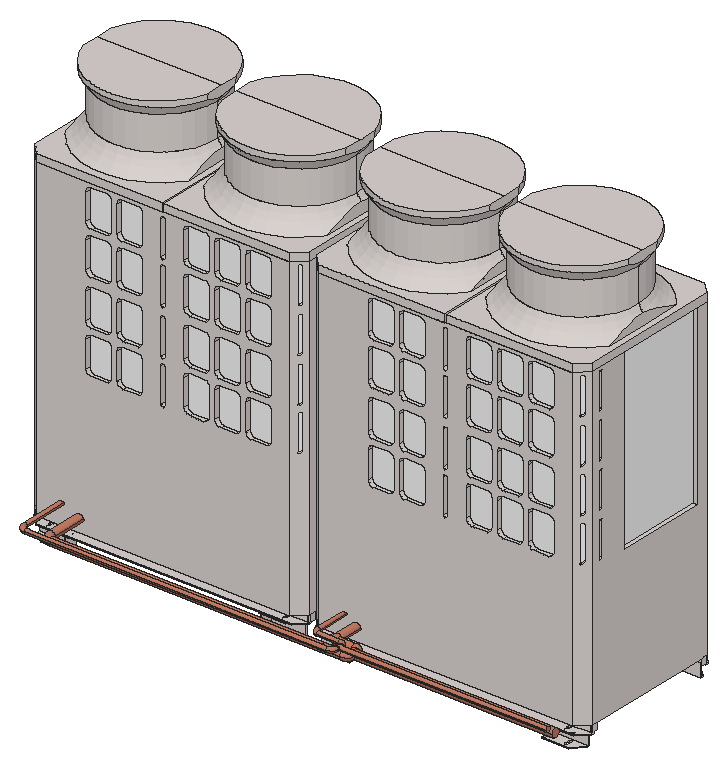
Revit family "PUHY-P700YSNW-A1", category Mechanical Equipment, Revit 2016
Family settings
  Part Type = Normal
  Round Connector Dimension = Use Radius
  OmniClass Number = 23.75.00.00
  OmniClass Title = Climate Control (HVAC)
  Work Plane-Based = No
  Always vertical = Yes
  Cut with Voids When Loaded = No
  Shared = No
  Room Calculation Point = No
Parameters (values of type "PUHY-P700YSNW-A1_415V_60Hz")
  Model = "PUHY-P700YSNW-A1"
  Width = 2510.000 mm
  WarrantyStart = ""
  Voltage = 415 V
  Unit Weight (kg) = 554
  URL = "http://www.mitsubishielectric.com/"
  Temp. range of heating (Outdoor temp.) (W.B.) = "-20.0 to 15.5"
  Temp. range of heating (Indoor temp.) (D.B.) = "15.0 to 27.0"
  Temp. range of cooling (Outdoor temp.) (D.B.) = "-5.0 to 52.0"
  Temp. range of cooling (Indoor temp.) (W.B.) = "15.0 to 24.0"
  TagNumber = 0
  Subcategory = "HVAC"
  Space View = yes
  Sound Pressure Level (dB(A)) Heating mode = 67
  Sound Pressure Level (dB(A)) Cooling mode = 65
  SerialNumber = 0
  ReplacementYear = ""
  Refrigerant type = "R410A"
  Refrigerant Charge (kg) = 19.6
  Protection Devices_Inverter circuit (COMP./FAN) = "Over-current protection"
  Protection Devices_High pressure (MPa) = "High pressure sensor, High pressure switch at 4.15"
  Phase = 3
  Manufacturer = "Mitsubishi Electric Corporation"
  Outdoor unit 2 Breaker size (A) = 40
  Outdoor unit 2 = PUHY-P350YNW-A1 : PUHY-P350YNW-A1
  Outdoor unit 1 Breaker size (A) = 40
  Outdoor unit 1 = PUHY-P350YNW-A1 : PUHY-P350YNW-A1
  Note_1 = "Refrigerant pipe diameters may change depending on the installation condition. Please refer to the installation manual."
  Maximum Circuit Ampacity (A) = 52.8
  Liquid pipe_radius = 9.525 mm
  InstallationDate = ""
  Indoor Unit Total Capacity = "50 to 130% of outdoor unit capacity"
  Indoor Unit Model/Quantity = "P10 to P250/2 to 50"
  Hertz = 60 Hz
  Height = 1858.000 mm
  Heating SCOP (kW/kW) = 4.1
  Heating Rated Load Ampacity (A) = 32.3
  Heating Power Input (kW) = 20.95
  Heating Power Input (Nominal) (kW) = 17.85
  Heating Current Input (Nominal) (A) = 27.5
  Heating Current Input (A) = 32.3
  Heating Capacity (kW) = 88
  Heating Capacity (Nominal) (kW) = 80
  Heating COP (kW/kW) = 4.2
  Heating COP (Nominal) (kW/kW) = 4.48
  Gas pipe_radius = 17.465 mm
  Fan_Type = "Propeller Fan"
  Fan_Quantity = 4
  Fan Motor Output (kW) = 1.84
  External static pressure (Pa) = 0
  External Finish = "Pre-coated galvanized steel sheets (+powder coating for -BS type) <MUNSELL 3Y 7.8/1.1 or similar>"
  Equip_description = ""
  Equip_No. = 0
  Equip_ID = ""
  Description = ""
  Depth = 740.000 mm
  CreatedOn = ""
  CreatedBy = ""
  Cooling SEER (kW/kW) = 6.63
  Cooling Rated Load Ampacity (A) = 34.9
  Cooling Power Input (kW) = 22.59
  Cooling EER (kW/kW) = 3.54
  Cooling Current Input (A) = 34.9
  Cooling Capacity (kW) = 80
  Compressor_Type = "Inverter scroll hermetic compressor"
  Compressor_Quantity = 2
  Compressor_Lubricant = "MEL32"
  Compressor Motor Output (kW) = 17.2
  Category = ""
  Barcode = ""
  AssetIdentifier = ""
  Airflow Rate (m3/min) = 540
  Airflow Rate (m3/h) = 32400
Reference planes
  plane 1 "Center (Front/Back)": y = 0
  plane 2: z = 0
  plane 3 "Center (Left/Right)": x = 0
  plane 4: y = 370
  plane 5 "front": y = -370
  plane 6: x = -1255
  plane 7: x = 1255
  plane 8: x = 15
  plane 9: x = -15
  plane 10: z = 1858
Forms (mm)
  Sweep 1, solid, material "Copper"
    path origin (1017.215, -4.248, 187) x (0, -1, 0) y (1, 0, 0)
      loop
        line (360, -2112.386) -> (570, -2112.386)
        arc (570, -2112.386) -> (591.213, -2103.6) -> (600, -2082.386) r 30
        line (600, -2082.386) -> (600, -725.507)
        arc (600, -725.507) -> (594.142, -711.365) -> (580, -705.507) r 20
        line (580, -705.507) -> (552.385, -705.507)
        arc (552.385, -705.507) -> (538.243, -711.365) -> (532.385, -725.507) r 20
        line (532.385, -725.507) -> (532.385, -821.501)
        arc (532.385, -821.501) -> (526.527, -835.643) -> (512.385, -841.501) r 20
        line (512.385, -841.501) -> (357.385, -841.501)
    profile origin (-1095.172, -469.248, 187) x (1, 0, 0) y (0, 0, 1)
      loop
        circle (0, 0) r 9.525
  Sweep 2, solid, material "Copper"
    path origin (1039.386, -4.248, 155) x (0, -1, 0) y (1, 0, 0)
      loop
        line (360, -2053) -> (525, -2053)
        arc (525, -2053) -> (546.213, -2044.213) -> (555, -2023) r 30
        line (555, -2023) -> (555, -800.253) -> (555, -715.253)
        arc (555, -715.253) -> (549.142, -701.111) -> (535, -695.253) r 20
        line (535, -695.253) -> (510, -695.253)
        arc (510, -695.253) -> (495.858, -701.111) -> (490, -715.253) r 20
        line (490, -715.253) -> (490, -786.253)
        arc (490, -786.253) -> (484.142, -800.395) -> (470, -806.253) r 20
        line (470, -806.253) -> (360, -806.253)
    profile origin (-1013.614, -446.748, 155) x (1, 0, 0) y (0, 0, 1)
      loop
        circle (0, 0) r 17.465
  Sweep 3, solid, material "Copper"
    path origin (934.386, -4.248, 187) x (0, -1, 0) y (1, 0, 0)
      loop
        line (565.96, -620) -> (565.96, 320.614)
    profile origin (784.693, -570.208, 187) x (0, 1, 0) y (0, 0, 1)
      loop
        circle (0, 0) r 9.525
  Sweep 4, solid, material "Copper"
    path origin (934.386, -4.248, 155.027) x (-1, 0, 0) y (0, -1, 0)
      loop
        line (585, 523.84) -> (-320, 523.84)
    profile origin (801.886, -528.088, 155.027) x (0, 1, 0) y (0, 0, 1)
      loop
        circle (0, 0) r 17.465
Dimensions and locks
  nested 1 to nested 1 = 1240.000 mm
  nested 1 to nested 2 to nested 2 = 30.000 mm, 1240.000 mm
  "Liquid pipe_radius": radius of Sweep 3 sketch curve
  "Gas pipe_radius": radius of Sweep 4 sketch curve
  aligned and locked: level to plane 2
Automatic sketch dimensions
  Sweep 1 sketch curve to plane 5 "front" = 8.366 mm
  Sweep 1 sketch curve to plane 5 "front" = 5.752 mm
  plane 5 "front" to Sweep 1 sketch curve = 146.634 mm
  Sweep 1 sketch curve to Sweep 1 sketch curve = 20.000 mm  (x2)
  plane 5 "front" to Sweep 1 sketch curve = 204.248 mm
  Sweep 1 sketch curve to Sweep 1 sketch curve = 27.615 mm
  Sweep 1 sketch curve to Sweep 1 sketch curve = 30.000 mm
  plane 6 to Sweep 1 sketch curve = 159.828 mm
  plane 3 "Center (Left/Right)" to Sweep 1 sketch curve = 175.714 mm
  Sweep 1 sketch curve to Sweep 1 sketch curve = 95.994 mm
  profile plane to Sweep 1 sketch curve = 0.000 mm
  Sweep 1 sketch curve to profile plane = 0.000 mm
  Sweep 2 sketch curve to plane 5 "front" = 5.752 mm  (x2)
  plane 5 "front" to Sweep 2 sketch curve = 104.248 mm
  Sweep 2 sketch curve to Sweep 2 sketch curve = 20.000 mm  (x3)
  plane 5 "front" to Sweep 2 sketch curve = 159.248 mm
  Sweep 2 sketch curve to Sweep 2 sketch curve = 25.000 mm
  plane 6 to Sweep 2 sketch curve = 241.386 mm
  plane 3 "Center (Left/Right)" to Sweep 2 sketch curve = 239.134 mm
  Sweep 2 sketch curve to Sweep 2 sketch curve = 6.000 mm
  Sweep 2 sketch curve to Sweep 2 sketch curve = 71.000 mm
  profile plane to Sweep 2 sketch curve = 0.000 mm
  Sweep 2 sketch curve to profile plane = 0.000 mm
  Sweep 3 sketch curve to plane 7 = 0.000 mm
  plane 5 "front" to Sweep 3 sketch curve = 200.208 mm
  plane 8 to Sweep 3 sketch curve = 299.386 mm
  Sweep 4 sketch curve to plane 7 = 0.614 mm
  plane 5 "front" to Sweep 4 sketch curve = 158.088 mm
  plane 8 to Sweep 4 sketch curve = 334.386 mm
  Sweep 3 sketch curve to profile plane = 0.000 mm  (x2)
  Sweep 4 sketch curve to profile plane = 0.000 mm  (x2)
  radius of Sweep 1 sketch curve = 9.525 mm
  radius of Sweep 2 sketch curve = 17.465 mm
Nested families
  nested 1: "PUHY-P350YNW-A1" at (-635, 0, 0), type "PUHY-P350YNW-A1"
  nested 2: "PUHY-P350YNW-A1" at (635, 0, 0), type "PUHY-P350YNW-A1"
Connectors
  piping at (1254.386, -528.088, 155.027), diameter 34.93, driven by "Gas pipe_radius"
    settings: on Sweep 4, index 1, connector inside diameter 34.93 mm, connector length 0.000 mm, flow factor 0, pipe flow 0.0 L/s, pressure drop 0.0 Pa, fitting loss kfactor 0, connector angle 0.00°, fixture units 0, engagement length 0.000 mm, angle of deflection 0.00°, flow configuration 0, flow direction 0, fitting loss method 0, system type 22, joint type 0, gender type 0, connector reference index -1, connector utility 0, adjustable connector no, is connector primary yes, connector description "Indoor unit-Twinning pipe(Gas)"
  piping at (1255, -570.208, 187), diameter 19.05, driven by "Liquid pipe_radius"
    settings: on Sweep 3, index 2, connector inside diameter 19.05 mm, connector length 0.000 mm, flow factor 0, pipe flow 0.0 L/s, pressure drop 0.0 Pa, fitting loss kfactor 0, connector angle 0.00°, fixture units 0, engagement length 0.000 mm, angle of deflection 0.00°, flow configuration 0, flow direction 0, fitting loss method 0, system type 22, joint type 0, gender type 0, connector reference index -1, connector utility 0, adjustable connector no, is connector primary no, connector description "Indoor unit-Twinning pipe(Liquid)"
  electrical at (319, -370, 280), driven by "Phase", driven by "Voltage"
    settings: index 4, voltage 415 V, apparent load 0 VA, apparent load phase1 0 VA, apparent load phase2 0 VA, apparent load phase3 0 VA, power factor 1, load classification "HVAC", number of poles 3, system type 30, power factor state 1, is connector primary yes, connector utility no, sub classification motor no, connector description ""
  electrical at (-633, -370, 280), driven by "Phase", driven by "Voltage"
    settings: index 5, voltage 415 V, apparent load 0 VA, apparent load phase1 0 VA, apparent load phase2 0 VA, apparent load phase3 0 VA, power factor 1, load classification "HVAC", number of poles 3, system type 30, power factor state 1, is connector primary no, connector utility no, sub classification motor no, connector description ""
Definition of nested family "PUHY-P350YNW-A1"
  Parameters
    Model = "PUHY-P350YNW-A"
    URL = "http://www.mitsubishielectric.com/"
    Manufacturer = "Mitsubishi Electric Corporation"
    Liquid pipe_radius = 12.700 mm
    Gas pipe_radius = 14.290 mm
  Reference planes
    plane 1 "Center (Front/Back)": y = 0
    plane 2: z = 0
    plane 3 "Center (Left/Right)": x = 0
    plane 4: y = 370
    plane 5: z = 1858
    plane 6: y = -260
    plane 7: y = -204
    plane 8: y = -185
    plane 9: x = -620
    plane 10: x = 620
    plane 11: x = -620
    plane 12: z = 716
    plane 13: x = -524
    plane 14: z = 669
    plane 15: x = -50.5
    plane 16: x = 51
    plane 17: x = 489
    plane 18: x = 467
    plane 19 "132": x = 488
    plane 20 "100": z = 160
    plane 21: z = 185
    plane 22: x = 413
    plane 23: x = 364
    plane 24: z = 150
    plane 25: x = -287.25
    plane 26: x = -137.25
    plane 27: x = -272.25
    plane 28: y = -278
    plane 29: z = 1509
    plane 30: y = -370
    plane 31: x = -530
    plane 32: x = 530
    plane 33 "179": y = -191
  Forms (mm)
    Extrusion 1, solid
      sketch origin (-1, 0, 113) x (-1, 0, 0) y (0, -1, 0)
        loop
          line (569, -370) -> (619, -320) -> (619, 320) -> (569, 370) -> (-571, 370) -> (-621, 320) -> (-621, -320) -> (-571, -370) -> (569, -370)
      from -18 to 1408
    Extrusion 2, void
      sketch origin (524, -370, 113) x (1, 0, 0) y (0, 0, -1)
        loop
          arc (-60.8, -1393.5) -> (-42.557, -1385.943) -> (-35, -1367.7) r 25.8
          line (-35, -1367.7) -> (-35, -1248.5)
          arc (-35, -1248.5) -> (-42.557, -1230.257) -> (-60.8, -1222.7) r 25.8
          line (-60.8, -1222.7) -> (-126, -1222.7)
          arc (-126, -1222.7) -> (-144.243, -1230.257) -> (-151.8, -1248.5) r 25.8
          line (-151.8, -1248.5) -> (-151.8, -1367.7)
          arc (-151.8, -1367.7) -> (-144.243, -1385.943) -> (-126, -1393.5) r 25.8
          line (-126, -1393.5) -> (-60.8, -1393.5)
      from 0 to 20
    Extrusion 3, void
      sketch origin (524, -370, -81) x (1, 0, 0) y (0, 0, -1)
        loop
          arc (-60.8, -1393.5) -> (-42.557, -1385.943) -> (-35, -1367.7) r 25.8
          line (-35, -1367.7) -> (-35, -1248.5)
          arc (-35, -1248.5) -> (-42.557, -1230.257) -> (-60.8, -1222.7) r 25.8
          line (-60.8, -1222.7) -> (-126, -1222.7)
          arc (-126, -1222.7) -> (-144.243, -1230.257) -> (-151.8, -1248.5) r 25.8
          line (-151.8, -1248.5) -> (-151.8, -1367.7)
          arc (-151.8, -1367.7) -> (-144.243, -1385.943) -> (-126, -1393.5) r 25.8
          line (-126, -1393.5) -> (-60.8, -1393.5)
      from 0 to 20
    Extrusion 4, void
      sketch origin (524, -370, -287) x (1, 0, 0) y (0, 0, -1)
        loop
          arc (-60.8, -1393.5) -> (-42.557, -1385.943) -> (-35, -1367.7) r 25.8
          line (-35, -1367.7) -> (-35, -1248.5)
          arc (-35, -1248.5) -> (-42.557, -1230.257) -> (-60.8, -1222.7) r 25.8
          line (-60.8, -1222.7) -> (-126, -1222.7)
          arc (-126, -1222.7) -> (-144.243, -1230.257) -> (-151.8, -1248.5) r 25.8
          line (-151.8, -1248.5) -> (-151.8, -1367.7)
          arc (-151.8, -1367.7) -> (-144.243, -1385.943) -> (-126, -1393.5) r 25.8
          line (-126, -1393.5) -> (-60.8, -1393.5)
      from 0 to 20
    Extrusion 5, void
      sketch origin (524, -370, -481) x (1, 0, 0) y (0, 0, -1)
        loop
          arc (-60.8, -1393.5) -> (-42.557, -1385.943) -> (-35, -1367.7) r 25.8
          line (-35, -1367.7) -> (-35, -1248.5)
          arc (-35, -1248.5) -> (-42.557, -1230.257) -> (-60.8, -1222.7) r 25.8
          line (-60.8, -1222.7) -> (-126, -1222.7)
          arc (-126, -1222.7) -> (-144.243, -1230.257) -> (-151.8, -1248.5) r 25.8
          line (-151.8, -1248.5) -> (-151.8, -1367.7)
          arc (-151.8, -1367.7) -> (-144.243, -1385.943) -> (-126, -1393.5) r 25.8
          line (-126, -1393.5) -> (-60.8, -1393.5)
      from 0 to 20
    Extrusion 6, void
      sketch origin (384, -370, 113) x (1, 0, 0) y (0, 0, -1)
        loop
          arc (-60.8, -1393.5) -> (-42.557, -1385.943) -> (-35, -1367.7) r 25.8
          line (-35, -1367.7) -> (-35, -1248.5)
          arc (-35, -1248.5) -> (-42.557, -1230.257) -> (-60.8, -1222.7) r 25.8
          line (-60.8, -1222.7) -> (-126, -1222.7)
          arc (-126, -1222.7) -> (-144.243, -1230.257) -> (-151.8, -1248.5) r 25.8
          line (-151.8, -1248.5) -> (-151.8, -1367.7)
          arc (-151.8, -1367.7) -> (-144.243, -1385.943) -> (-126, -1393.5) r 25.8
          line (-126, -1393.5) -> (-60.8, -1393.5)
      from 0 to 20
    Extrusion 7, void
      sketch origin (384, -370, -81) x (1, 0, 0) y (0, 0, -1)
        loop
          arc (-60.8, -1393.5) -> (-42.557, -1385.943) -> (-35, -1367.7) r 25.8
          line (-35, -1367.7) -> (-35, -1248.5)
          arc (-35, -1248.5) -> (-42.557, -1230.257) -> (-60.8, -1222.7) r 25.8
          line (-60.8, -1222.7) -> (-126, -1222.7)
          arc (-126, -1222.7) -> (-144.243, -1230.257) -> (-151.8, -1248.5) r 25.8
          line (-151.8, -1248.5) -> (-151.8, -1367.7)
          arc (-151.8, -1367.7) -> (-144.243, -1385.943) -> (-126, -1393.5) r 25.8
          line (-126, -1393.5) -> (-60.8, -1393.5)
      from 0 to 20
    Extrusion 8, void
      sketch origin (384, -370, -287) x (1, 0, 0) y (0, 0, -1)
        loop
          arc (-60.8, -1393.5) -> (-42.557, -1385.943) -> (-35, -1367.7) r 25.8
          line (-35, -1367.7) -> (-35, -1248.5)
          arc (-35, -1248.5) -> (-42.557, -1230.257) -> (-60.8, -1222.7) r 25.8
          line (-60.8, -1222.7) -> (-126, -1222.7)
          arc (-126, -1222.7) -> (-144.243, -1230.257) -> (-151.8, -1248.5) r 25.8
          line (-151.8, -1248.5) -> (-151.8, -1367.7)
          arc (-151.8, -1367.7) -> (-144.243, -1385.943) -> (-126, -1393.5) r 25.8
          line (-126, -1393.5) -> (-60.8, -1393.5)
      from 0 to 20
    Extrusion 9, void
      sketch origin (384, -370, -481) x (1, 0, 0) y (0, 0, -1)
        loop
          arc (-60.8, -1393.5) -> (-42.557, -1385.943) -> (-35, -1367.7) r 25.8
          line (-35, -1367.7) -> (-35, -1248.5)
          arc (-35, -1248.5) -> (-42.557, -1230.257) -> (-60.8, -1222.7) r 25.8
          line (-60.8, -1222.7) -> (-126, -1222.7)
          arc (-126, -1222.7) -> (-144.243, -1230.257) -> (-151.8, -1248.5) r 25.8
          line (-151.8, -1248.5) -> (-151.8, -1367.7)
          arc (-151.8, -1367.7) -> (-144.243, -1385.943) -> (-126, -1393.5) r 25.8
          line (-126, -1393.5) -> (-60.8, -1393.5)
      from 0 to 20
    Extrusion 10, void
      sketch origin (244, -370, 113) x (1, 0, 0) y (0, 0, -1)
        loop
          arc (-60.8, -1393.5) -> (-42.557, -1385.943) -> (-35, -1367.7) r 25.8
          line (-35, -1367.7) -> (-35, -1248.5)
          arc (-35, -1248.5) -> (-42.557, -1230.257) -> (-60.8, -1222.7) r 25.8
          line (-60.8, -1222.7) -> (-126, -1222.7)
          arc (-126, -1222.7) -> (-144.243, -1230.257) -> (-151.8, -1248.5) r 25.8
          line (-151.8, -1248.5) -> (-151.8, -1367.7)
          arc (-151.8, -1367.7) -> (-144.243, -1385.943) -> (-126, -1393.5) r 25.8
          line (-126, -1393.5) -> (-60.8, -1393.5)
      from 0 to 20
    Extrusion 11, void
      sketch origin (244, -370, -81) x (1, 0, 0) y (0, 0, -1)
        loop
          arc (-60.8, -1393.5) -> (-42.557, -1385.943) -> (-35, -1367.7) r 25.8
          line (-35, -1367.7) -> (-35, -1248.5)
          arc (-35, -1248.5) -> (-42.557, -1230.257) -> (-60.8, -1222.7) r 25.8
          line (-60.8, -1222.7) -> (-126, -1222.7)
          arc (-126, -1222.7) -> (-144.243, -1230.257) -> (-151.8, -1248.5) r 25.8
          line (-151.8, -1248.5) -> (-151.8, -1367.7)
          arc (-151.8, -1367.7) -> (-144.243, -1385.943) -> (-126, -1393.5) r 25.8
          line (-126, -1393.5) -> (-60.8, -1393.5)
      from 0 to 20
    Extrusion 12, void
      sketch origin (244, -370, -287) x (1, 0, 0) y (0, 0, -1)
        loop
          arc (-60.8, -1393.5) -> (-42.557, -1385.943) -> (-35, -1367.7) r 25.8
          line (-35, -1367.7) -> (-35, -1248.5)
          arc (-35, -1248.5) -> (-42.557, -1230.257) -> (-60.8, -1222.7) r 25.8
          line (-60.8, -1222.7) -> (-126, -1222.7)
          arc (-126, -1222.7) -> (-144.243, -1230.257) -> (-151.8, -1248.5) r 25.8
          line (-151.8, -1248.5) -> (-151.8, -1367.7)
          arc (-151.8, -1367.7) -> (-144.243, -1385.943) -> (-126, -1393.5) r 25.8
          line (-126, -1393.5) -> (-60.8, -1393.5)
      from 0 to 20
    Extrusion 13, void
      sketch origin (244, -370, -481) x (1, 0, 0) y (0, 0, -1)
        loop
          arc (-60.8, -1393.5) -> (-42.557, -1385.943) -> (-35, -1367.7) r 25.8
          line (-35, -1367.7) -> (-35, -1248.5)
          arc (-35, -1248.5) -> (-42.557, -1230.257) -> (-60.8, -1222.7) r 25.8
          line (-60.8, -1222.7) -> (-126, -1222.7)
          arc (-126, -1222.7) -> (-144.243, -1230.257) -> (-151.8, -1248.5) r 25.8
          line (-151.8, -1248.5) -> (-151.8, -1367.7)
          arc (-151.8, -1367.7) -> (-144.243, -1385.943) -> (-126, -1393.5) r 25.8
          line (-126, -1393.5) -> (-60.8, -1393.5)
      from 0 to 20
    Extrusion 14, void
      sketch origin (-56, -370, 113) x (1, 0, 0) y (0, 0, -1)
        loop
          arc (-60.8, -1393.5) -> (-42.557, -1385.943) -> (-35, -1367.7) r 25.8
          line (-35, -1367.7) -> (-35, -1248.5)
          arc (-35, -1248.5) -> (-42.557, -1230.257) -> (-60.8, -1222.7) r 25.8
          line (-60.8, -1222.7) -> (-126, -1222.7)
          arc (-126, -1222.7) -> (-144.243, -1230.257) -> (-151.8, -1248.5) r 25.8
          line (-151.8, -1248.5) -> (-151.8, -1367.7)
          arc (-151.8, -1367.7) -> (-144.243, -1385.943) -> (-126, -1393.5) r 25.8
          line (-126, -1393.5) -> (-60.8, -1393.5)
      from 0 to 20
    Extrusion 15, void
      sketch origin (-56, -370, -81) x (1, 0, 0) y (0, 0, -1)
        loop
          arc (-60.8, -1393.5) -> (-42.557, -1385.943) -> (-35, -1367.7) r 25.8
          line (-35, -1367.7) -> (-35, -1248.5)
          arc (-35, -1248.5) -> (-42.557, -1230.257) -> (-60.8, -1222.7) r 25.8
          line (-60.8, -1222.7) -> (-126, -1222.7)
          arc (-126, -1222.7) -> (-144.243, -1230.257) -> (-151.8, -1248.5) r 25.8
          line (-151.8, -1248.5) -> (-151.8, -1367.7)
          arc (-151.8, -1367.7) -> (-144.243, -1385.943) -> (-126, -1393.5) r 25.8
          line (-126, -1393.5) -> (-60.8, -1393.5)
      from 0 to 20
    Extrusion 16, void
      sketch origin (-56, -370, -287) x (1, 0, 0) y (0, 0, -1)
        loop
          arc (-60.8, -1393.5) -> (-42.557, -1385.943) -> (-35, -1367.7) r 25.8
          line (-35, -1367.7) -> (-35, -1248.5)
          arc (-35, -1248.5) -> (-42.557, -1230.257) -> (-60.8, -1222.7) r 25.8
          line (-60.8, -1222.7) -> (-126, -1222.7)
          arc (-126, -1222.7) -> (-144.243, -1230.257) -> (-151.8, -1248.5) r 25.8
          line (-151.8, -1248.5) -> (-151.8, -1367.7)
          arc (-151.8, -1367.7) -> (-144.243, -1385.943) -> (-126, -1393.5) r 25.8
          line (-126, -1393.5) -> (-60.8, -1393.5)
      from 0 to 20
    Extrusion 17, void
      sketch origin (-56, -370, -481) x (1, 0, 0) y (0, 0, -1)
        loop
          arc (-60.8, -1393.5) -> (-42.557, -1385.943) -> (-35, -1367.7) r 25.8
          line (-35, -1367.7) -> (-35, -1248.5)
          arc (-35, -1248.5) -> (-42.557, -1230.257) -> (-60.8, -1222.7) r 25.8
          line (-60.8, -1222.7) -> (-126, -1222.7)
          arc (-126, -1222.7) -> (-144.243, -1230.257) -> (-151.8, -1248.5) r 25.8
          line (-151.8, -1248.5) -> (-151.8, -1367.7)
          arc (-151.8, -1367.7) -> (-144.243, -1385.943) -> (-126, -1393.5) r 25.8
          line (-126, -1393.5) -> (-60.8, -1393.5)
      from 0 to 20
    Extrusion 18, void
      sketch origin (-196, -370, 113) x (1, 0, 0) y (0, 0, -1)
        loop
          arc (-60.8, -1393.5) -> (-42.557, -1385.943) -> (-35, -1367.7) r 25.8
          line (-35, -1367.7) -> (-35, -1248.5)
          arc (-35, -1248.5) -> (-42.557, -1230.257) -> (-60.8, -1222.7) r 25.8
          line (-60.8, -1222.7) -> (-126, -1222.7)
          arc (-126, -1222.7) -> (-144.243, -1230.257) -> (-151.8, -1248.5) r 25.8
          line (-151.8, -1248.5) -> (-151.8, -1367.7)
          arc (-151.8, -1367.7) -> (-144.243, -1385.943) -> (-126, -1393.5) r 25.8
          line (-126, -1393.5) -> (-60.8, -1393.5)
      from 0 to 20
    Extrusion 19, void
      sketch origin (-196, -370, -81) x (1, 0, 0) y (0, 0, -1)
        loop
          arc (-60.8, -1393.5) -> (-42.557, -1385.943) -> (-35, -1367.7) r 25.8
          line (-35, -1367.7) -> (-35, -1248.5)
          arc (-35, -1248.5) -> (-42.557, -1230.257) -> (-60.8, -1222.7) r 25.8
          line (-60.8, -1222.7) -> (-126, -1222.7)
          arc (-126, -1222.7) -> (-144.243, -1230.257) -> (-151.8, -1248.5) r 25.8
          line (-151.8, -1248.5) -> (-151.8, -1367.7)
          arc (-151.8, -1367.7) -> (-144.243, -1385.943) -> (-126, -1393.5) r 25.8
          line (-126, -1393.5) -> (-60.8, -1393.5)
      from 0 to 20
    Extrusion 20, void
      sketch origin (-196, -370, -287) x (1, 0, 0) y (0, 0, -1)
        loop
          arc (-60.8, -1393.5) -> (-42.557, -1385.943) -> (-35, -1367.7) r 25.8
          line (-35, -1367.7) -> (-35, -1248.5)
          arc (-35, -1248.5) -> (-42.557, -1230.257) -> (-60.8, -1222.7) r 25.8
          line (-60.8, -1222.7) -> (-126, -1222.7)
          arc (-126, -1222.7) -> (-144.243, -1230.257) -> (-151.8, -1248.5) r 25.8
          line (-151.8, -1248.5) -> (-151.8, -1367.7)
          arc (-151.8, -1367.7) -> (-144.243, -1385.943) -> (-126, -1393.5) r 25.8
          line (-126, -1393.5) -> (-60.8, -1393.5)
      from 0 to 20
    Extrusion 21, void
      sketch origin (-196, -370, -481) x (1, 0, 0) y (0, 0, -1)
        loop
          arc (-60.8, -1393.5) -> (-42.557, -1385.943) -> (-35, -1367.7) r 25.8
          line (-35, -1367.7) -> (-35, -1248.5)
          arc (-35, -1248.5) -> (-42.557, -1230.257) -> (-60.8, -1222.7) r 25.8
          line (-60.8, -1222.7) -> (-126, -1222.7)
          arc (-126, -1222.7) -> (-144.243, -1230.257) -> (-151.8, -1248.5) r 25.8
          line (-151.8, -1248.5) -> (-151.8, -1367.7)
          arc (-151.8, -1367.7) -> (-144.243, -1385.943) -> (-126, -1393.5) r 25.8
          line (-126, -1393.5) -> (-60.8, -1393.5)
      from 0 to 20
    Extrusion 22, void
      sketch origin (620, 320, 113) x (0, 1, 0) y (0, 0, -1)
        loop
          line (-462.3, -1408) -> (-50.8, -1408) -> (-50.8, -612) -> (-462.3, -612) -> (-462.3, -1408)
      from 0 to 20
    Extrusion 23, void
      sketch origin (-620, -320, 113) x (0, -1, 0) y (0, 0, -1)
        loop
          line (-535.7, -1408) -> (-207.7, -1408) -> (-207.7, -592) -> (-535.7, -592) -> (-535.7, -1408)
      from 0 to 20
    Extrusion 24, void
      sketch origin (194.892, 370, 113) x (-1, 0, 0) y (0, 0, -1)
        loop
          arc (204.892, -1225.013) -> (194.892, -1215.013) -> (184.892, -1225.013) r 10
          line (184.892, -1225.013) -> (184.892, -1379.987)
          arc (184.892, -1379.987) -> (194.892, -1389.987) -> (204.892, -1379.987) r 10
          line (204.892, -1379.987) -> (204.892, -1225.013)
        loop
          arc (204.892, -1031.013) -> (194.892, -1021.013) -> (184.892, -1031.013) r 10
          line (184.892, -1031.013) -> (184.892, -1185.987)
          arc (184.892, -1185.987) -> (194.892, -1195.987) -> (204.892, -1185.987) r 10
          line (204.892, -1185.987) -> (204.892, -1031.013)
        loop
          arc (204.892, -825.013) -> (194.892, -815.013) -> (184.892, -825.013) r 10
          line (184.892, -825.013) -> (184.892, -979.987)
          arc (184.892, -979.987) -> (194.892, -989.987) -> (204.892, -979.987) r 10
          line (204.892, -979.987) -> (204.892, -825.013)
        loop
          arc (204.892, -631.013) -> (194.892, -621.013) -> (184.892, -631.013) r 10
          line (184.892, -631.013) -> (184.892, -785.987)
          arc (184.892, -785.987) -> (194.892, -795.987) -> (204.892, -785.987) r 10
          line (204.892, -785.987) -> (204.892, -631.013)
      from 0 to 20
    Extrusion 25, void
      sketch origin (-570, 370, 113) x (0.707107, 0.707107, 0) y (0, 0, 1)
        loop
          arc (-45.355, 1236) -> (-35.355, 1226) -> (-25.355, 1236) r 10
          line (-25.355, 1236) -> (-25.355, 1386)
          arc (-25.355, 1386) -> (-35.355, 1396) -> (-45.355, 1386) r 10
          line (-45.355, 1386) -> (-45.355, 1236)
        loop
          arc (-45.355, 1036) -> (-35.355, 1026) -> (-25.355, 1036) r 10
          line (-25.355, 1036) -> (-25.355, 1186)
          arc (-25.355, 1186) -> (-35.355, 1196) -> (-45.355, 1186) r 10
          line (-45.355, 1186) -> (-45.355, 1036)
        loop
          arc (-45.355, 836) -> (-35.355, 826) -> (-25.355, 836) r 10
          line (-25.355, 836) -> (-25.355, 986)
          arc (-25.355, 986) -> (-35.355, 996) -> (-45.355, 986) r 10
          line (-45.355, 986) -> (-45.355, 836)
        loop
          arc (-45.355, 641) -> (-35.355, 631) -> (-25.355, 641) r 10
          line (-25.355, 641) -> (-25.355, 791)
          arc (-25.355, 791) -> (-35.355, 801) -> (-45.355, 791) r 10
          line (-45.355, 791) -> (-45.355, 641)
      from 0 to 20
    Extrusion 26, void
      sketch origin (-620, -320, 113) x (0, -1, 0) y (0, 0, -1)
        loop
          line (-607.846, -1035.895) -> (-607.846, -1186.105)
          arc (-607.846, -1186.105) -> (-597.846, -1196.105) -> (-587.846, -1186.105) r 10
          line (-587.846, -1186.105) -> (-587.846, -1035.895)
          arc (-587.846, -1035.895) -> (-597.846, -1025.895) -> (-607.846, -1035.895) r 10
        loop
          line (-607.846, -835.895) -> (-607.846, -986.105)
          arc (-607.846, -986.105) -> (-597.846, -996.105) -> (-587.846, -986.105) r 10
          line (-587.846, -986.105) -> (-587.846, -835.895)
          arc (-587.846, -835.895) -> (-597.846, -825.895) -> (-607.846, -835.895) r 10
        loop
          line (-607.846, -1235.895) -> (-607.846, -1386.105)
          arc (-607.846, -1386.105) -> (-597.846, -1396.105) -> (-587.846, -1386.105) r 10
          line (-587.846, -1386.105) -> (-587.846, -1235.895)
          arc (-587.846, -1235.895) -> (-597.846, -1225.895) -> (-607.846, -1235.895) r 10
        loop
          line (-607.846, -635.895) -> (-607.846, -786.105)
          arc (-607.846, -786.105) -> (-597.846, -796.105) -> (-587.846, -786.105) r 10
          line (-587.846, -786.105) -> (-587.846, -635.895)
          arc (-587.846, -635.895) -> (-597.846, -625.895) -> (-607.846, -635.895) r 10
      from 0 to 20
    Extrusion 27, void
      sketch origin (1079, -370, 113) x (1, 0, 0) y (0, 0, -1)
        loop
          arc (-1089, -1379.975) -> (-1079, -1389.975) -> (-1069, -1379.975) r 10
          line (-1069, -1379.975) -> (-1069, -1225)
          arc (-1069, -1225) -> (-1079, -1215) -> (-1089, -1225) r 10
          line (-1089, -1225) -> (-1089, -1379.975)
        loop
          arc (-1089, -1185.975) -> (-1079, -1195.975) -> (-1069, -1185.975) r 10
          line (-1069, -1185.975) -> (-1069, -1031)
          arc (-1069, -1031) -> (-1079, -1021) -> (-1089, -1031) r 10
          line (-1089, -1031) -> (-1089, -1185.975)
        loop
          arc (-1089, -979.975) -> (-1079, -989.975) -> (-1069, -979.975) r 10
          line (-1069, -979.975) -> (-1069, -825)
          arc (-1069, -825) -> (-1079, -815) -> (-1089, -825) r 10
          line (-1089, -825) -> (-1089, -979.975)
        loop
          arc (-1089, -785.975) -> (-1079, -795.975) -> (-1069, -785.975) r 10
          line (-1069, -785.975) -> (-1069, -631)
          arc (-1069, -631) -> (-1079, -621) -> (-1089, -631) r 10
          line (-1089, -631) -> (-1089, -785.975)
      from 0 to 20
    Extrusion 28, void
      sketch origin (-571, 370, 113) x (-1, 0, 0) y (0, 0, -1)
        loop
          line (-519.5, -1408) -> (-48, -1408) -> (-48, -556) -> (-519.5, -556) -> (-519.5, -1408)
      from 0 to 20
    Extrusion 29, void
      sketch origin (-571, 370, 113) x (-1, 0, 0) y (0, 0, -1)
        loop
          line (-1038, -1408) -> (-622, -1408) -> (-622, -556) -> (-1038, -556) -> (-1038, -1408)
      from 0 to 20
    Extrusion 30, void
      sketch origin (620, 320, 113) x (0, 1, 0) y (0, 0, -1)
        loop
          arc (-588, -1035.791) -> (-598, -1025.791) -> (-608, -1035.791) r 10
          line (-608, -1035.791) -> (-608, -1186)
          arc (-608, -1186) -> (-598, -1196) -> (-588, -1186) r 10
          line (-588, -1186) -> (-588, -1035.791)
        loop
          arc (-588, -835.791) -> (-598, -825.791) -> (-608, -835.791) r 10
          line (-608, -835.791) -> (-608, -986)
          arc (-608, -986) -> (-598, -996) -> (-588, -986) r 10
          line (-588, -986) -> (-588, -835.791)
        loop
          arc (-588, -1235.791) -> (-598, -1225.791) -> (-608, -1235.791) r 10
          line (-608, -1235.791) -> (-608, -1386)
          arc (-608, -1386) -> (-598, -1396) -> (-588, -1386) r 10
          line (-588, -1386) -> (-588, -1235.791)
        loop
          arc (-588, -635.791) -> (-598, -625.791) -> (-608, -635.791) r 10
          line (-608, -635.791) -> (-608, -786)
          arc (-608, -786) -> (-598, -796) -> (-588, -786) r 10
          line (-588, -786) -> (-588, -635.791)
      from 0 to 20
    Extrusion 31, void
      sketch origin (1291.751, 351.751, 113) x (0.707107, 0.707107, 0) y (0, 0, -1)
        loop
          line (-995.311, -1236) -> (-995.311, -1386)
          arc (-995.311, -1386) -> (-985.311, -1396) -> (-975.311, -1386) r 10
          line (-975.311, -1386) -> (-975.311, -1236)
          arc (-975.311, -1236) -> (-985.311, -1226) -> (-995.311, -1236) r 10
        loop
          line (-995.311, -1036) -> (-995.311, -1186)
          arc (-995.311, -1186) -> (-985.311, -1196) -> (-975.311, -1186) r 10
          line (-975.311, -1186) -> (-975.311, -1036)
          arc (-975.311, -1036) -> (-985.311, -1026) -> (-995.311, -1036) r 10
        loop
          line (-995.311, -836) -> (-995.311, -986)
          arc (-995.311, -986) -> (-985.311, -996) -> (-975.311, -986) r 10
          line (-975.311, -986) -> (-975.311, -836)
          arc (-975.311, -836) -> (-985.311, -826) -> (-995.311, -836) r 10
        loop
          line (-995.311, -641) -> (-995.311, -791)
          arc (-995.311, -791) -> (-985.311, -801) -> (-975.311, -791) r 10
          line (-975.311, -791) -> (-975.311, -641)
          arc (-975.311, -641) -> (-985.311, -631) -> (-995.311, -641) r 10
      from 0 to 20
    Extrusion 32, void
      sketch origin (0, -191, 0) x (-1, 0, 0) y (0, 0, 1)
        loop
          circle (460, 176) r 6.35
      from 0 to 78.7
    Extrusion 33, void
      sketch origin (0, -191, 0) x (-1, 0, 0) y (0, 0, 1)
        loop
          circle (377, 176) r 14.29
      from 0 to 78.7
  Cuts and joins
    Extrusion 2, Extrusion 3, Extrusion 4, Extrusion 5, Extrusion 6, Extrusion 7, Extrusion 8, Extrusion 9, Extrusion 10, Extrusion 11, Extrusion 12, Extrusion 13, Extrusion 14, Extrusion 15, Extrusion 16, Extrusion 17, Extrusion 18, Extrusion 19, Extrusion 20, Extrusion 21, Extrusion 22, Extrusion 23, Extrusion 24, Extrusion 25, Extrusion 26, Extrusion 27, Extrusion 28, Extrusion 29, Extrusion 30, Extrusion 31, Extrusion 32, Extrusion 33 cuts Extrusion 1
  Lines and regions (mm)
    model lines
      curve 1: line (-351, -291, 95) -> (-481, -291, 95)
      curve 2: line (-342, -206, 95) -> (-342, -282, 95)
      curve 3: line (-481, -197, 95) -> (-351, -197, 95)
      curve 4: line (-492, -280, 95) -> (-492, -208, 95)
      curve 5: arc (-492, -280, 95) -> (-488.778, -287.778, 95) -> (-481, -291, 95) r 11
      curve 6: arc (-351, -291, 95) -> (-344.636, -288.364, 95) -> (-342, -282, 95) r 9
      curve 7: arc (-342, -206, 95) -> (-344.636, -199.636, 95) -> (-351, -197, 95) r 9
      curve 8: arc (-481, -197, 95) -> (-488.778, -200.222, 95) -> (-492, -208, 95) r 11
      curve 9: line (-30, -370, 1521) -> (-30, -370, 95)
      curve 10: line (30, -370, 1521) -> (30, -370, 95)
      curve 11: line (-485, -370, 215) -> (-357, -370, 215)
      curve 12: line (-495, -370, 141) -> (-495, -370, 205)
      curve 13: line (-357, -370, 131) -> (-485, -370, 131)
      curve 14: line (-347, -370, 205) -> (-347, -370, 141)
      curve 15: arc (-485, -370, 215) -> (-492.071, -370, 212.071) -> (-495, -370, 205) r 10
      curve 16: arc (-495, -370, 141) -> (-492.071, -370, 133.929) -> (-485, -370, 131) r 10
      curve 17: arc (-357, -370, 131) -> (-349.929, -370, 133.929) -> (-347, -370, 141) r 10
      curve 18: arc (-347, -370, 205) -> (-349.929, -370, 212.071) -> (-357, -370, 215) r 10
      curve 19: line (-405, -370, 1521) -> (-405, -370, 716)
      curve 20: line (620, -162.3, 1521) -> (620, -162.3, 95)
      curve 21: line (620, 289.2, 1521) -> (620, 289.2, 95)
      curve 22: line (620, -162.3, 705) -> (620, 289.2, 705)
      curve 23: line (620, -162.3, 725) -> (620, 289.2, 725)
      curve 24: line (620, -76.8, 583) -> (620, 203.2, 583)
      curve 25: line (620, 203.2, 563) -> (620, -76.8, 563)
      curve 26: arc (620, -76.8, 583) -> (620, -83.871, 580.071) -> (620, -86.8, 573) r 10
      curve 27: arc (620, -76.8, 563) -> (620, -83.871, 565.929) -> (620, -86.8, 573) r 10
      curve 28: arc (620, 203.2, 583) -> (620, 210.271, 580.071) -> (620, 213.2, 573) r 10
      curve 29: arc (620, 203.2, 563) -> (620, 210.271, 565.929) -> (620, 213.2, 573) r 10
      curve 30: line (620, -76.8, 478) -> (620, 203.2, 478)
      curve 31: line (620, 203.2, 458) -> (620, -76.8, 458)
      curve 32: arc (620, -76.8, 478) -> (620, -83.871, 475.071) -> (620, -86.8, 468) r 10
      curve 33: arc (620, -76.8, 458) -> (620, -83.871, 460.929) -> (620, -86.8, 468) r 10
      curve 34: arc (620, 203.2, 478) -> (620, 210.271, 475.071) -> (620, 213.2, 468) r 10
      curve 35: arc (620, 203.2, 458) -> (620, 210.271, 460.929) -> (620, 213.2, 468) r 10
      curve 36: line (620, -76.8, 373) -> (620, 203.2, 373)
      curve 37: line (620, 203.2, 353) -> (620, -76.8, 353)
      curve 38: arc (620, -76.8, 373) -> (620, -83.871, 370.071) -> (620, -86.8, 363) r 10
      curve 39: arc (620, -76.8, 353) -> (620, -83.871, 355.929) -> (620, -86.8, 363) r 10
      curve 40: arc (620, 203.2, 373) -> (620, 210.271, 370.071) -> (620, 213.2, 363) r 10
      curve 41: arc (620, 203.2, 353) -> (620, 210.271, 355.929) -> (620, 213.2, 363) r 10
      curve 42: line (620, -76.8, 268) -> (620, 203.2, 268)
      curve 43: line (620, 203.2, 248) -> (620, -76.8, 248)
      curve 44: arc (620, -76.8, 268) -> (620, -83.871, 265.071) -> (620, -86.8, 258) r 10
      curve 45: arc (620, -76.8, 248) -> (620, -83.871, 250.929) -> (620, -86.8, 258) r 10
      curve 46: arc (620, 203.2, 268) -> (620, 210.271, 265.071) -> (620, 213.2, 258) r 10
      curve 47: arc (620, 203.2, 248) -> (620, 210.271, 250.929) -> (620, 213.2, 258) r 10
      curve 48: line (-620, -162.3, 1521) -> (-620, -162.3, 95)
      curve 49: line (-620, 235.7, 1521) -> (-620, 235.7, 95)
      curve 50: line (-620, -112.3, 1521) -> (-620, -112.3, 705)
      curve 51: line (-620, 215.7, 1521) -> (-620, 215.7, 705)
      curve 52: line (-620, 235.7, 705) -> (-620, -162.3, 705)
      curve 53: line (-620, 176.7, 268) -> (-620, -103.3, 268)
      curve 54: line (-620, -103.3, 248) -> (-620, 176.7, 248)
      curve 55: arc (-620, 186.7, 258) -> (-620, 183.771, 265.071) -> (-620, 176.7, 268) r 10
      curve 56: arc (-620, 176.7, 248) -> (-620, 183.771, 250.929) -> (-620, 186.7, 258) r 10
      curve 57: arc (-620, -103.3, 268) -> (-620, -110.371, 265.071) -> (-620, -113.3, 258) r 10
      curve 58: arc (-620, -113.3, 258) -> (-620, -110.371, 250.929) -> (-620, -103.3, 248) r 10
      curve 59: line (-620, 176.7, 373) -> (-620, -103.3, 373)
      curve 60: line (-620, -103.3, 353) -> (-620, 176.7, 353)
      curve 61: arc (-620, 186.7, 363) -> (-620, 183.771, 370.071) -> (-620, 176.7, 373) r 10
      curve 62: arc (-620, 176.7, 353) -> (-620, 183.771, 355.929) -> (-620, 186.7, 363) r 10
      curve 63: arc (-620, -103.3, 373) -> (-620, -110.371, 370.071) -> (-620, -113.3, 363) r 10
      curve 64: arc (-620, -113.3, 363) -> (-620, -110.371, 355.929) -> (-620, -103.3, 353) r 10
      curve 65: line (-620, 176.7, 478) -> (-620, -103.3, 478)
      curve 66: line (-620, -103.3, 458) -> (-620, 176.7, 458)
      curve 67: arc (-620, 186.7, 468) -> (-620, 183.771, 475.071) -> (-620, 176.7, 478) r 10
      curve 68: arc (-620, 176.7, 458) -> (-620, 183.771, 460.929) -> (-620, 186.7, 468) r 10
      curve 69: arc (-620, -103.3, 478) -> (-620, -110.371, 475.071) -> (-620, -113.3, 468) r 10
      curve 70: arc (-620, -113.3, 468) -> (-620, -110.371, 460.929) -> (-620, -103.3, 458) r 10
      curve 71: line (-620, 176.7, 583) -> (-620, -103.3, 583)
      curve 72: line (-620, -103.3, 563) -> (-620, 176.7, 563)
      curve 73: arc (-620, 186.7, 573) -> (-620, 183.771, 580.071) -> (-620, 176.7, 583) r 10
      curve 74: arc (-620, 176.7, 563) -> (-620, 183.771, 565.929) -> (-620, 186.7, 573) r 10
      curve 75: arc (-620, -103.3, 583) -> (-620, -110.371, 580.071) -> (-620, -113.3, 573) r 10
      curve 76: arc (-620, -113.3, 573) -> (-620, -110.371, 565.929) -> (-620, -103.3, 563) r 10
      curve 77: line (-544, 370, 1521) -> (-544, 370, 95)
      curve 78: line (489, 370, 649) -> (30, 370, 649)
      curve 79: line (-30.5, 370, 649) -> (-544, 370, 649)
      curve 80: line (-147.25, 370, 584) -> (-427.25, 370, 584)
      curve 81: line (-427.25, 370, 564) -> (-147.25, 370, 564)
      curve 82: arc (-137.25, 370, 574) -> (-140.179, 370, 581.071) -> (-147.25, 370, 584) r 10
      curve 83: arc (-147.25, 370, 564) -> (-140.179, 370, 566.929) -> (-137.25, 370, 574) r 10
      curve 84: arc (-427.25, 370, 584) -> (-434.321, 370, 581.071) -> (-437.25, 370, 574) r 10
      curve 85: arc (-437.25, 370, 574) -> (-434.321, 370, 566.929) -> (-427.25, 370, 564) r 10
      curve 86: circle (448, -185, 1521) r 15 normal (0, 0, 1)
      curve 87: circle (468, -185, 95) r 26 normal (0, 0, 1)
      curve 88: circle (448, -260, 95) r 32.5 normal (0, 0, 1)
      curve 89: circle (404, -204, 95) r 17 normal (0, 0, 1)
      curve 90: line (-550, -370, 1521) -> (-550, -370, 95)
      curve 91: line (-550, -370, 716) -> (-30, -370, 716)
      curve 92: line (550, -370, 95) -> (550, -370, 1521)
      curve 93: line (30, -370, 716) -> (550, -370, 716)
      curve 94: line (-30.5, 370, 1521) -> (-30.5, 370, 95)
      curve 95: line (30, 370, 1521) -> (30, 370, 95)
      curve 96: line (489, 370, 1521) -> (489, 370, 95)
      curve 97: line (467, 370, 669) -> (467, 370, 649)
      curve 98: line (-352, -370, 223) -> (-550, -370, 223)
      curve 99: line (-342, -370, 213) -> (-342, -370, 95)
      curve 100: arc (-342, -370, 213) -> (-344.929, -370, 220.071) -> (-352, -370, 223) r 10
      curve 101: circle (488, -370, 160) r 32.5 normal (0, -1, 0)
      curve 102: circle (488, -370, 160) r 20 normal (0, -1, 0)
      curve 103: circle (364, -370, 150) r 17 normal (0, -1, 0)
      curve 104: circle (413, -370, 185) r 26 normal (0, -1, 0)
      curve 105: circle (413, -370, 185) r 13.5 normal (0, -1, 0)
      curve 106: line (352, -370, 223) -> (550, -370, 223)
      curve 107: line (342, -370, 213) -> (342, -370, 95)
      curve 108: arc (342, -370, 213) -> (344.929, -370, 220.071) -> (352, -370, 223) r 10
      curve 109: line (-147.25, 370, 479) -> (-427.25, 370, 479)
      curve 110: line (-427.25, 370, 459) -> (-147.25, 370, 459)
      curve 111: arc (-137.25, 370, 469) -> (-140.179, 370, 476.071) -> (-147.25, 370, 479) r 10
      curve 112: arc (-147.25, 370, 459) -> (-140.179, 370, 461.929) -> (-137.25, 370, 469) r 10
      curve 113: arc (-427.25, 370, 479) -> (-434.321, 370, 476.071) -> (-437.25, 370, 469) r 10
      curve 114: arc (-437.25, 370, 469) -> (-434.321, 370, 461.929) -> (-427.25, 370, 459) r 10
      curve 115: line (-147.25, 370, 374) -> (-427.25, 370, 374)
      curve 116: line (-427.25, 370, 354) -> (-147.25, 370, 354)
      curve 117: arc (-137.25, 370, 364) -> (-140.179, 370, 371.071) -> (-147.25, 370, 374) r 10
      curve 118: arc (-147.25, 370, 354) -> (-140.179, 370, 356.929) -> (-137.25, 370, 364) r 10
      curve 119: arc (-427.25, 370, 374) -> (-434.321, 370, 371.071) -> (-437.25, 370, 364) r 10
      curve 120: arc (-437.25, 370, 364) -> (-434.321, 370, 356.929) -> (-427.25, 370, 354) r 10
      curve 121: line (-147.25, 370, 269) -> (-427.25, 370, 269)
      curve 122: line (-427.25, 370, 249) -> (-147.25, 370, 249)
      curve 123: arc (-137.25, 370, 259) -> (-140.179, 370, 266.071) -> (-147.25, 370, 269) r 10
      curve 124: arc (-147.25, 370, 249) -> (-140.179, 370, 251.929) -> (-137.25, 370, 259) r 10
      curve 125: arc (-427.25, 370, 269) -> (-434.321, 370, 266.071) -> (-437.25, 370, 259) r 10
      curve 126: arc (-437.25, 370, 259) -> (-434.321, 370, 251.929) -> (-427.25, 370, 249) r 10
      curve 127: line (399.5, 370, 584) -> (119.5, 370, 584)
      curve 128: line (119.5, 370, 564) -> (399.5, 370, 564)
      curve 129: arc (409.5, 370, 574) -> (406.571, 370, 581.071) -> (399.5, 370, 584) r 10
      curve 130: arc (399.5, 370, 564) -> (406.571, 370, 566.929) -> (409.5, 370, 574) r 10
      curve 131: arc (119.5, 370, 584) -> (112.429, 370, 581.071) -> (109.5, 370, 574) r 10
      curve 132: arc (109.5, 370, 574) -> (112.429, 370, 566.929) -> (119.5, 370, 564) r 10
      curve 133: line (399.5, 370, 479) -> (119.5, 370, 479)
      curve 134: line (119.5, 370, 459) -> (399.5, 370, 459)
      curve 135: arc (409.5, 370, 469) -> (406.571, 370, 476.071) -> (399.5, 370, 479) r 10
      curve 136: arc (399.5, 370, 459) -> (406.571, 370, 461.929) -> (409.5, 370, 469) r 10
      curve 137: arc (119.5, 370, 479) -> (112.429, 370, 476.071) -> (109.5, 370, 469) r 10
      curve 138: arc (109.5, 370, 469) -> (112.429, 370, 461.929) -> (119.5, 370, 459) r 10
      curve 139: line (399.5, 370, 374) -> (119.5, 370, 374)
      curve 140: line (119.5, 370, 354) -> (399.5, 370, 354)
      curve 141: arc (409.5, 370, 364) -> (406.571, 370, 371.071) -> (399.5, 370, 374) r 10
      curve 142: arc (399.5, 370, 354) -> (406.571, 370, 356.929) -> (409.5, 370, 364) r 10
      curve 143: arc (119.5, 370, 374) -> (112.429, 370, 371.071) -> (109.5, 370, 364) r 10
      curve 144: arc (109.5, 370, 364) -> (112.429, 370, 356.929) -> (119.5, 370, 354) r 10
      curve 145: line (399.5, 370, 269) -> (119.5, 370, 269)
      curve 146: line (119.5, 370, 249) -> (399.5, 370, 249)
      curve 147: arc (409.5, 370, 259) -> (406.571, 370, 266.071) -> (399.5, 370, 269) r 10
      curve 148: arc (399.5, 370, 249) -> (406.571, 370, 251.929) -> (409.5, 370, 259) r 10
      curve 149: arc (119.5, 370, 269) -> (112.429, 370, 266.071) -> (109.5, 370, 259) r 10
      curve 150: arc (109.5, 370, 259) -> (112.429, 370, 251.929) -> (119.5, 370, 249) r 10
      curve 151: line (399.5, -370, 584) -> (119.5, -370, 584)
      curve 152: line (119.5, -370, 564) -> (399.5, -370, 564)
      curve 153: arc (409.5, -370, 574) -> (406.571, -370, 581.071) -> (399.5, -370, 584) r 10
      curve 154: arc (399.5, -370, 564) -> (406.571, -370, 566.929) -> (409.5, -370, 574) r 10
      curve 155: arc (119.5, -370, 584) -> (112.429, -370, 581.071) -> (109.5, -370, 574) r 10
      curve 156: arc (109.5, -370, 574) -> (112.429, -370, 566.929) -> (119.5, -370, 564) r 10
      curve 157: line (399.5, -370, 479) -> (119.5, -370, 479)
      curve 158: line (119.5, -370, 459) -> (399.5, -370, 459)
      curve 159: arc (409.5, -370, 469) -> (406.571, -370, 476.071) -> (399.5, -370, 479) r 10
      curve 160: arc (399.5, -370, 459) -> (406.571, -370, 461.929) -> (409.5, -370, 469) r 10
      curve 161: arc (119.5, -370, 479) -> (112.429, -370, 476.071) -> (109.5, -370, 469) r 10
      curve 162: arc (109.5, -370, 469) -> (112.429, -370, 461.929) -> (119.5, -370, 459) r 10
      curve 163: line (399.5, -370, 374) -> (119.5, -370, 374)
      curve 164: line (119.5, -370, 354) -> (399.5, -370, 354)
      curve 165: arc (409.5, -370, 364) -> (406.571, -370, 371.071) -> (399.5, -370, 374) r 10
      curve 166: arc (399.5, -370, 354) -> (406.571, -370, 356.929) -> (409.5, -370, 364) r 10
      curve 167: arc (119.5, -370, 374) -> (112.429, -370, 371.071) -> (109.5, -370, 364) r 10
      curve 168: arc (109.5, -370, 364) -> (112.429, -370, 356.929) -> (119.5, -370, 354) r 10
      curve 169: arc (119.5, -370, 269) -> (112.429, -370, 266.071) -> (109.5, -370, 259) r 10
      curve 170: arc (109.5, -370, 259) -> (112.429, -370, 251.929) -> (119.5, -370, 249) r 10
      curve 171: line (-147.25, -370, 584) -> (-427.25, -370, 584)
      curve 172: line (-427.25, -370, 564) -> (-147.25, -370, 564)
      curve 173: arc (-137.25, -370, 574) -> (-140.179, -370, 581.071) -> (-147.25, -370, 584) r 10
      curve 174: arc (-147.25, -370, 564) -> (-140.179, -370, 566.929) -> (-137.25, -370, 574) r 10
      curve 175: arc (-427.25, -370, 584) -> (-434.321, -370, 581.071) -> (-437.25, -370, 574) r 10
      curve 176: arc (-437.25, -370, 574) -> (-434.321, -370, 566.929) -> (-427.25, -370, 564) r 10
      curve 177: line (-147.25, -370, 479) -> (-427.25, -370, 479)
      curve 178: line (-427.25, -370, 459) -> (-147.25, -370, 459)
      curve 179: arc (-137.25, -370, 469) -> (-140.179, -370, 476.071) -> (-147.25, -370, 479) r 10
      curve 180: arc (-147.25, -370, 459) -> (-140.179, -370, 461.929) -> (-137.25, -370, 469) r 10
      curve 181: arc (-427.25, -370, 479) -> (-434.321, -370, 476.071) -> (-437.25, -370, 469) r 10
      curve 182: arc (-437.25, -370, 469) -> (-434.321, -370, 461.929) -> (-427.25, -370, 459) r 10
      curve 183: line (-147.25, -370, 374) -> (-427.25, -370, 374)
      curve 184: line (-427.25, -370, 354) -> (-147.25, -370, 354)
      curve 185: arc (-137.25, -370, 364) -> (-140.179, -370, 371.071) -> (-147.25, -370, 374) r 10
      curve 186: arc (-147.25, -370, 354) -> (-140.179, -370, 356.929) -> (-137.25, -370, 364) r 10
      curve 187: arc (-427.25, -370, 374) -> (-434.321, -370, 371.071) -> (-437.25, -370, 364) r 10
      curve 188: arc (-437.25, -370, 364) -> (-434.321, -370, 356.929) -> (-427.25, -370, 354) r 10
      curve 189: line (-147.25, -370, 269) -> (-262.25, -370, 269)
      curve 190: line (-262.25, -370, 249) -> (-147.25, -370, 249)
      curve 191: arc (-137.25, -370, 259) -> (-140.179, -370, 266.071) -> (-147.25, -370, 269) r 10
      curve 192: arc (-147.25, -370, 249) -> (-140.179, -370, 251.929) -> (-137.25, -370, 259) r 10
      curve 193: arc (-262.25, -370, 269) -> (-269.321, -370, 266.071) -> (-272.25, -370, 259) r 10
      curve 194: arc (-272.25, -370, 259) -> (-269.321, -370, 251.929) -> (-262.25, -370, 249) r 10
      curve 195: line (234.5, -370, 269) -> (119.5, -370, 269)
      curve 196: line (119.5, -370, 249) -> (234.5, -370, 249)
      curve 197: arc (244.5, -370, 259) -> (241.571, -370, 266.071) -> (234.5, -370, 269) r 10
      curve 198: arc (234.5, -370, 249) -> (241.571, -370, 251.929) -> (244.5, -370, 259) r 10
  Dimensions and locks
    nested 2 to nested 2 = 303.000 mm
    cut or joined group 1 (Extrusion 1, Extrusion 2, Extrusion 3, Extrusion 4, Extrusion 5, Extrusion 6, Extrusion 7, Extrusion 8, Extrusion 9, Extrusion 10, Extrusion 11, Extrusion 12, Extrusion 13, Extrusion 14, Extrusion 15, Extrusion 16, Extrusion 17, Extrusion 18, Extrusion 19, Extrusion 20, Extrusion 21, Extrusion 22, Extrusion 23, Extrusion 24, Extrusion 25, Extrusion 26, Extrusion 27, Extrusion 28, Extrusion 29, Extrusion 30, Extrusion 31, Extrusion 32, Extrusion 33) to cut or joined group 1 = 1240.000 mm
    Extrusion 2 sketch curve to Extrusion 2 sketch curve = 116.800 mm
    Extrusion 2 sketch curve to Extrusion 2 sketch curve = 170.800 mm
    Extrusion 3 sketch curve to Extrusion 3 sketch curve = 116.800 mm
    Extrusion 3 sketch curve to Extrusion 3 sketch curve = 170.800 mm
    Extrusion 4 sketch curve to Extrusion 4 sketch curve = 116.800 mm
    Extrusion 4 sketch curve to Extrusion 4 sketch curve = 170.800 mm
    Extrusion 5 sketch curve to Extrusion 5 sketch curve = 116.800 mm
    Extrusion 5 sketch curve to Extrusion 5 sketch curve = 170.800 mm
    Extrusion 6 sketch curve to Extrusion 6 sketch curve = 116.800 mm
    Extrusion 6 sketch curve to Extrusion 6 sketch curve = 170.800 mm
    Extrusion 7 sketch curve to Extrusion 7 sketch curve = 116.800 mm
    Extrusion 7 sketch curve to Extrusion 7 sketch curve = 170.800 mm
    Extrusion 8 sketch curve to Extrusion 8 sketch curve = 116.800 mm
    Extrusion 8 sketch curve to Extrusion 8 sketch curve = 170.800 mm
    Extrusion 9 sketch curve to Extrusion 9 sketch curve = 116.800 mm
    Extrusion 9 sketch curve to Extrusion 9 sketch curve = 170.800 mm
    cut or joined group 1 to cut or joined group 1 = 50.000 mm  (x2)
    Extrusion 10 sketch curve to Extrusion 10 sketch curve = 116.800 mm
    Extrusion 10 sketch curve to Extrusion 10 sketch curve = 170.800 mm
    Extrusion 11 sketch curve to Extrusion 11 sketch curve = 116.800 mm
    Extrusion 11 sketch curve to Extrusion 11 sketch curve = 170.800 mm
    Extrusion 12 sketch curve to Extrusion 12 sketch curve = 116.800 mm
    Extrusion 12 sketch curve to Extrusion 12 sketch curve = 170.800 mm
    Extrusion 13 sketch curve to Extrusion 13 sketch curve = 116.800 mm
    Extrusion 13 sketch curve to Extrusion 13 sketch curve = 170.800 mm
    Extrusion 14 sketch curve to Extrusion 14 sketch curve = 116.800 mm
    Extrusion 14 sketch curve to Extrusion 14 sketch curve = 170.800 mm
    Extrusion 15 sketch curve to Extrusion 15 sketch curve = 116.800 mm
    Extrusion 15 sketch curve to Extrusion 15 sketch curve = 170.800 mm
    Extrusion 16 sketch curve to Extrusion 16 sketch curve = 116.800 mm
    Extrusion 16 sketch curve to Extrusion 16 sketch curve = 170.800 mm
    Extrusion 17 sketch curve to Extrusion 17 sketch curve = 116.800 mm
    Extrusion 17 sketch curve to Extrusion 17 sketch curve = 170.800 mm
    Extrusion 18 sketch curve to Extrusion 18 sketch curve = 116.800 mm
    Extrusion 18 sketch curve to Extrusion 18 sketch curve = 170.800 mm
    Extrusion 19 sketch curve to Extrusion 19 sketch curve = 116.800 mm
    Extrusion 19 sketch curve to Extrusion 19 sketch curve = 170.800 mm
    Extrusion 20 sketch curve to Extrusion 20 sketch curve = 116.800 mm
    Extrusion 20 sketch curve to Extrusion 20 sketch curve = 170.800 mm
    Extrusion 21 sketch curve to Extrusion 21 sketch curve = 116.800 mm
    Extrusion 21 sketch curve to Extrusion 21 sketch curve = 170.800 mm
    plane 3 "Center (Left/Right)" to cut or joined group 1 = 620.000 mm
    cut or joined group 1 to plane 3 "Center (Left/Right)" = 620.000 mm
    Extrusion 1 sketch curve to Extrusion 1 sketch curve = 1240.000 mm
    cut or joined group 1 to plane 8 = 185.000 mm
    cut or joined group 1 to plane 7 = 166.000 mm
    cut or joined group 1 to plane 6 = 110.000 mm
